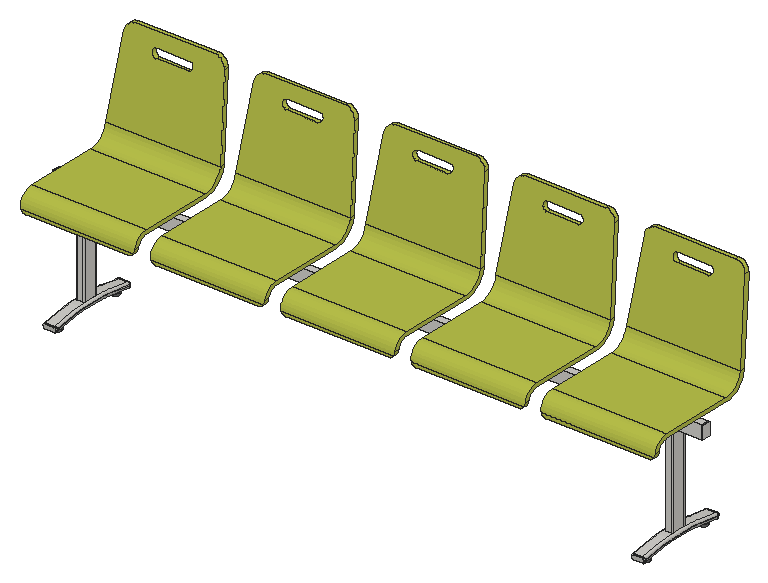
Revit family
Parameters
  Structure = Métal - Peinture grise
  Sièges = Bois - Peinture verte
  PiedSup [instance] = [built-in parameter 1001306] > 2500 mm  # no
  Nombre de sièges [instance] = [built-in parameter 1001306] / 550 mm  # 5
  Nombre de pieds [instance] = if(PiedSup, [built-in parameter 1001306] / 1000 mm, 2)  # 2
  built-in parameter 1001306 [instance] = 2500 mm
  Hauteur = 450 mm
Reference planes
  plane 1 "Centre (avant/arrière)": y = 0
  plane 2: z = 0
  plane 3 "Gauche": x = 0
  plane 4 "Droite": x = 2500
  plane 5: x = 120
  plane 6: x = 250
  plane 7: x = 2380
  plane 8: x = 2250
  plane 9: z = 450
  plane 10: y = 280
Forms (mm)
  Extrusion 1, solid, material "Métal - Peinture grise" <- "Structure"
    sketch origin (0, 0, 0) x (0, 1, 0) y (0, 0, 1)
      loop
        line (-15, 450) -> (-15, 400) -> (15, 400) -> (15, 450) -> (-15, 450)
    from 0 to 2500
  Sweep 2, void
    path in 3D
      loop
        line (2500, -15, 400) -> (2500, 15, 400) -> (2500, 15, 450) -> (2500, -15, 450) -> (2500, -15, 400)
    profile origin (2500, -15, 425) x (1, 0, 0) y (0, 1, 0)
      loop
        line (-5, 3) -> (-5, 0) -> (-4, 0) -> (-4, 3) -> (-5, 3)
  Sweep 3, void
    path in 3D
      loop
        line (0, -15, 450) -> (0, 15, 450) -> (0, 15, 400) -> (0, -15, 400) -> (0, -15, 450)
    profile origin (0, -15, 425) x (0, 1, 0) y (-1, 0, 0)
      loop
        line (0, -5) -> (3, -5) -> (3, -4) -> (0, -4) -> (0, -5)
Cuts and joins
  Sweep 2, Sweep 3 cuts Extrusion 1
Lines and regions (mm)
  reference lines
    curve 1: line (0, 0, 0) -> (2500, 0, 0)
  sketch lines
    curve 2: line (2500, -15, 450) -> (2500, -15, 400)
    curve 3: line (2500, 15, 450) -> (2500, -15, 450)
    curve 4: line (2500, 15, 400) -> (2500, 15, 450)
    curve 5: line (2500, -15, 400) -> (2500, 15, 400)
    curve 6: line (0, -15, 400) -> (0, -15, 450)
    curve 7: line (0, -15, 450) -> (0, 15, 450)
    curve 8: line (0, 15, 450) -> (0, 15, 400)
    curve 9: line (0, 15, 400) -> (0, -15, 400)
Dimensions and locks
  "built-in parameter 1001306": plane 3 "Gauche" to plane 4 "Droite"
  locked: plane 3 "Gauche" to plane 5 at 120
  locked: plane 3 "Gauche" to plane 6 at 250
  locked: plane 8 to plane 4 "Droite" at 250
  locked: plane 7 to plane 4 "Droite" at 120
  "Hauteur": plane 9 to level
  group 1 to group 2 = 2260 mm
  group 1 to group 2 = 0 mm  (x2)
  locked: plane 9 to Extrusion 1 sketch curve at 50
  equal spacing: Extrusion 1 sketch curve, plane 1 "Centre (avant/arrière)", Extrusion 1 sketch curve
  locked: plane 1 "Centre (avant/arrière)" to Extrusion 1 sketch curve at 15
  equal spacing: group 3, group 5, group 6, group 7, group 4  (x3)
  locked: Sweep 2 sketch curve to plane 4 "Droite" at 4
  locked: Sweep 2 sketch curve to Sweep 2 sketch curve at 1
  locked: Sweep 2 sketch curve to plane 1 "Centre (avant/arrière)" at 12
  locked: plane 3 "Gauche" to Sweep 3 sketch curve at 4
  locked: Sweep 3 sketch curve to Sweep 3 sketch curve at 1
  locked: Sweep 3 sketch curve to plane 1 "Centre (avant/arrière)" at 12
  locked: plane 1 "Centre (avant/arrière)" to plane 10 at 280
  aligned and locked: plane 4 "Droite" to curve 1
  aligned and locked: plane 1 "Centre (avant/arrière)" to curve 1
  aligned and locked: plane 3 "Gauche" to curve 1
  aligned and locked: plane 1 "Centre (avant/arrière)" to nested 1
  aligned and locked: plane 1 "Centre (avant/arrière)" to nested 2
  aligned and locked: plane 5 to nested 1
  aligned and locked: plane 7 to nested 2
  aligned and locked: Extrusion 1 sketch curve to plane 9
  aligned and locked: plane 4 "Droite" to Extrusion 1
  aligned and locked: plane 6 to nested 3
  aligned and locked: nested 3 to plane 1 "Centre (avant/arrière)"
  aligned and locked: plane 9 to nested 3
  aligned and locked: plane 9 to nested 4
  aligned and locked: nested 4 to plane 1 "Centre (avant/arrière)"
  aligned and locked: plane 8 to nested 4
  aligned and locked: Sweep 3 sketch curve to profile plane
  aligned and locked: Sweep 2 sketch curve to profile plane
Nested families
  nested 1: "Pied" at (120, 17.585, 0), type "Pied"
  nested 2: "Pied" at (2380, 17.585, 0), type "Pied"
  nested 3: "Chaise" at (250, 200, 12.5), built-in parameter 1001364 <- "Hauteur", type "Chaise"
  nested 4: "Chaise" at (2250, 200, 12.5), built-in parameter 1001364 <- "Hauteur", type "Chaise"
  nested 5: "Chaise" at (750, 200, 12.5), built-in parameter 1001364 <- "Hauteur", type "Chaise"
  nested 6: "Chaise" at (1250, 200, 12.5), built-in parameter 1001364 <- "Hauteur", type "Chaise"
  nested 7: "Chaise" at (1750, 200, 12.5), built-in parameter 1001364 <- "Hauteur", type "Chaise"
Definition of nested family "Pied"
  Parameters (values of type "Pied")
    Hauteur = 450 mm
    Finition = Métal - Peinture grise
    Assembly Code = ""
  Reference planes
    plane 1 "Centre (avant/arrière)": y = -17.585
    plane 2: z = 0
    plane 3 "Centre (gauche/droite)": x = 0
    plane 4 "H": z = 450
    plane 5: z = 30
    plane 6: z = 10
    plane 7: y = -192.585
    plane 8: y = 157.415
  Forms (mm)
    Sweep 1, solid, material "Métal - Peinture grise" <- "Finition"
      path origin (0, 0, 0) x (0, 1, 0) y (0, 0, 1)
        loop
          arc (-192.585, 10) -> (-17.585, 30) -> (157.415, 10) r 775.625
      profile origin (0, -17.585, 30) x (0, 0, 1) y (1, 0, 0)
        loop
          arc (0, -17) -> (2.343, -22.657) -> (8, -25) r 8
          line (8, -25) -> (12, -25)
          arc (12, -25) -> (17.657, -22.657) -> (20, -17) r 8
          line (20, -17) -> (20, 17)
          arc (20, 17) -> (17.657, 22.657) -> (12, 25) r 8
          line (12, 25) -> (8, 25)
          arc (8, 25) -> (2.343, 22.657) -> (0, 17) r 8
          line (0, 17) -> (0, -17)
    Sweep 2, void
      path in 3D
        loop
          arc (17, -192.585, 10) -> (22.657, -193.114, 12.283) -> (25, -194.39, 17.794) r 8
          line (25, -194.39, 17.794) -> (25, -195.293, 21.691)
          arc (25, -195.293, 21.691) -> (22.657, -196.569, 27.202) -> (17, -197.098, 29.484) r 8
          line (17, -197.098, 29.484) -> (-17, -197.098, 29.484)
          arc (-17, -197.098, 29.484) -> (-22.657, -196.569, 27.202) -> (-25, -195.293, 21.691) r 8
          line (-25, -195.293, 21.691) -> (-25, -194.39, 17.794)
          arc (-25, -194.39, 17.794) -> (-22.657, -193.114, 12.283) -> (-17, -192.585, 10) r 8
          line (-17, -192.585, 10) -> (17, -192.585, 10)
      profile origin (0, -192.585, 10) x (0, -0.225624, 0.974214) y (0, -0.974214, -0.225624)
        loop
          line (0.976, -4.493) -> (0.976, -3.496) -> (-1.1, -3.496) -> (-1.1, -4.493) -> (0.976, -4.493)
    Sweep 3, void
      path in 3D
        loop
          arc (17, 161.927, 29.484) -> (22.657, 161.399, 27.202) -> (25, 160.122, 21.691) r 8
          line (25, 160.122, 21.691) -> (25, 159.22, 17.794)
          arc (25, 159.22, 17.794) -> (22.657, 157.943, 12.283) -> (17, 157.415, 10) r 8
          line (17, 157.415, 10) -> (-17, 157.415, 10)
          arc (-17, 157.415, 10) -> (-22.657, 157.943, 12.283) -> (-25, 159.22, 17.794) r 8
          line (-25, 159.22, 17.794) -> (-25, 160.122, 21.691)
          arc (-25, 160.122, 21.691) -> (-22.657, 161.399, 27.202) -> (-17, 161.927, 29.484) r 8
          line (-17, 161.927, 29.484) -> (17, 161.927, 29.484)
      profile origin (0, 161.927, 29.484) x (0, -0.225624, -0.974214) y (0, 0.974214, -0.225624)
        loop
          line (-1.216, -3.5) -> (-1.216, -4.5) -> (1, -4.5) -> (1, -3.5) -> (-1.216, -3.5)
    Extrusion 4, solid, material "Métal - Peinture grise" <- "Finition"
      sketch origin (0, 0, 30) x (0, -1, 0) y (1, 0, 0)
        loop
          arc (-12.415, -9.994) -> (-10.95, -13.529) -> (-7.415, -14.994) r 5
          line (-7.415, -14.994) -> (42.585, -14.994)
          arc (42.585, -14.994) -> (46.121, -13.529) -> (47.585, -9.994) r 5
          line (47.585, -9.994) -> (47.585, 9.994)
          arc (47.585, 9.994) -> (46.121, 13.529) -> (42.585, 14.994) r 5
          line (42.585, 14.994) -> (-7.415, 14.994)
          arc (-7.415, 14.994) -> (-10.95, 13.529) -> (-12.415, 9.994) r 5
          line (-12.415, 9.994) -> (-12.415, -9.994)
      from 10 to 420
    Extrusion 5, void
      sketch origin (0, -405.739, 450) x (1, 0, 0) y (0, -1, 0)
        loop
          line (-14.994, -373.154) -> (-14.994, -403.154) -> (14.994, -403.154) -> (14.994, -373.154) -> (-14.994, -373.154)
      from 0 to 50
    Extrusion 6, solid, material "Métal - Peinture grise" <- "Finition"
      sketch origin (0, 0, 0) x (1, 0, 0) y (0, 1, 0)
        loop
          circle (0, -157.585) r 10
        loop
          circle (0, 122.415) r 10
      from 5 to 30
    Extrusion 7, solid, material "Métal - Peinture noire"
      sketch origin (0, 0, 0) x (1, 0, 0) y (0, 1, 0)
        loop
          circle (0, 122.415) r 15
        loop
          circle (0, -157.585) r 15
      from 0 to 5
  Cuts and joins
    Sweep 2, Sweep 3, Extrusion 5 cuts Sweep 1
    Extrusion 5 cuts Extrusion 4
    joined: Sweep 1, Extrusion 4, Extrusion 6
  Lines and regions (mm)
    sketch lines
      curve 1: line (-17, -192.585, 10) -> (17, -192.585, 10)
      curve 2: arc (-17, -192.585, 10) -> (-22.657, -193.114, 12.283) -> (-25, -194.39, 17.794) r 8
      curve 3: line (-25, -195.293, 21.691) -> (-25, -194.39, 17.794)
      curve 4: arc (-25, -195.293, 21.691) -> (-22.657, -196.569, 27.202) -> (-17, -197.098, 29.484) r 8
      curve 5: line (17, -197.098, 29.484) -> (-17, -197.098, 29.484)
      curve 6: arc (17, -197.098, 29.484) -> (22.657, -196.569, 27.202) -> (25, -195.293, 21.691) r 8
      curve 7: line (25, -194.39, 17.794) -> (25, -195.293, 21.691)
      curve 8: arc (25, -194.39, 17.794) -> (22.657, -193.114, 12.283) -> (17, -192.585, 10) r 8
      curve 9: line (-17, 161.927, 29.484) -> (17, 161.927, 29.484)
      curve 10: arc (-17, 161.927, 29.484) -> (-22.657, 161.399, 27.202) -> (-25, 160.122, 21.691) r 8
      curve 11: line (-25, 159.22, 17.794) -> (-25, 160.122, 21.691)
      curve 12: arc (-25, 159.22, 17.794) -> (-22.657, 157.943, 12.283) -> (-17, 157.415, 10) r 8
      curve 13: line (17, 157.415, 10) -> (-17, 157.415, 10)
      curve 14: arc (17, 157.415, 10) -> (22.657, 157.943, 12.283) -> (25, 159.22, 17.794) r 8
      curve 15: line (25, 160.122, 21.691) -> (25, 159.22, 17.794)
      curve 16: arc (25, 160.122, 21.691) -> (22.657, 161.399, 27.202) -> (17, 161.927, 29.484) r 8
  Dimensions and locks
    "Hauteur": plane 4 "H" to level
    equal spacing: plane 7, plane 1 "Centre (avant/arrière)", plane 8
    locked: plane 7 to plane 1 "Centre (avant/arrière)" at 175
    equal spacing: Sweep 1 sketch curve, plane 3 "Centre (gauche/droite)", Sweep 1 sketch curve
    locked: Sweep 1 sketch curve to plane 3 "Centre (gauche/droite)" at 25
    locked: Sweep 1 sketch curve to plane 5 at 20
    equal spacing: Extrusion 4 sketch curve, plane 1 "Centre (avant/arrière)", Extrusion 4 sketch curve
    equal spacing: Extrusion 4 sketch curve, plane 3 "Centre (gauche/droite)", Extrusion 4 sketch curve
    equal spacing: Extrusion 5 sketch curve, plane 1 "Centre (avant/arrière)", Extrusion 5 sketch curve
    locked: plane 1 "Centre (avant/arrière)" to Extrusion 5 sketch curve at 15
    aligned and locked: plane 8 to Sweep 1 sketch curve
    aligned and locked: plane 4 "H" to Extrusion 4
    aligned and locked: cut or joined group of Sweep 1, Sweep 2, Sweep 3, Extrusion 4, Extrusion 5, Extrusion 6 to Extrusion 5 sketch curve  (x2)
    aligned and locked: plane 5 to Extrusion 6
  Automatic sketch dimensions
    Sweep 1 sketch curve to plane 6 = 0 mm  (x2)
    Sweep 1 sketch curve to plane 7 = 0 mm
    Sweep 1 sketch curve to level = 745.625 mm
    Sweep 1 sketch curve to profile plane = 0 mm
    Sweep 1 sketch curve to profile plane = 8 mm
    Sweep 1 sketch curve to Sweep 1 sketch curve = 4 mm  (x2)
    Sweep 1 sketch curve to Sweep 1 sketch curve = 0 mm
    profile plane to Sweep 2 sketch curve = 1.1 mm
    Sweep 2 sketch curve to profile plane = 0.976 mm
    Sweep 2 sketch curve to profile plane = 4.493 mm
    Sweep 2 sketch curve to Sweep 2 sketch curve = 0.997 mm
    profile plane to Sweep 3 sketch curve = 1.216 mm
    Sweep 3 sketch curve to profile plane = 1 mm
    Sweep 3 sketch curve to profile plane = 4.5 mm
    Sweep 3 sketch curve to Sweep 3 sketch curve = 1 mm
    Extrusion 4 sketch curve to Extrusion 4 sketch curve = 5 mm  (x4)
    Extrusion 4 sketch curve to plane 1 "Centre (avant/arrière)" = 30 mm
    Extrusion 4 sketch curve to plane 3 "Centre (gauche/droite)" = 14.994 mm
    Extrusion 6 sketch curve to plane 3 "Centre (gauche/droite)" = 0 mm  (x2)
    Extrusion 6 sketch curve to plane 8 = 35 mm
    plane 7 to Extrusion 6 sketch curve = 35 mm
    Extrusion 7 sketch curve to plane 3 "Centre (gauche/droite)" = 0 mm  (x2)
    plane 7 to Extrusion 7 sketch curve = 35 mm
    Extrusion 7 sketch curve to plane 8 = 35 mm
    radius of Extrusion 6 sketch curve = 10 mm  (x2)
    radius of Extrusion 7 sketch curve = 15 mm  (x2)
Definition of nested family "Chaise"
  Parameters (values of type "Chaise")
    Finition = Bois - Peinture verte
    Assembly Code = ""
  Reference planes
    plane 1 "Centre (avant/arrière)": y = 0
    plane 2: z = 0
    plane 3 "Centre (gauche/droite)": x = 0
    plane 4 "01": z = 442.5
    plane 5: z = 857.5
    plane 6: y = -200
    plane 7: z = 437.5
  Forms (mm)
    Sweep 1, solid, material "Bois - Peinture verte" <- "Finition"
      path origin (0, 0, 0) x (0, 1, 0) y (0, 0, 1)
        loop
          line (71.853, 857.5) -> (11.657, 516.108)
          arc (11.657, 516.108) -> (-15.705, 468.716) -> (-67.128, 450) r 80
          line (-67.128, 450) -> (-350, 450)
          arc (-350, 450) -> (-385.355, 435.355) -> (-400, 400) r 50
          line (-400, 400) -> (-400, 384.864)
      profile origin (0, 41.755, 686.804) x (0, 0.984808, -0.173648) y (1, 0, 0)
        loop
          line (-7.5, -220) -> (7.5, -220) -> (7.5, 220) -> (-7.5, 220) -> (-7.5, -220)
    Extrusion 2, void
      sketch origin (0, 0, 0) x (1, 0, 0) y (0, 0, 1)
        loop
          line (-235, 866.198) -> (-235, 374.816) -> (235, 374.816) -> (235, 866.198) -> (-235, 866.198)
        loop
          arc (-220, 412.364) -> (-212.678, 394.686) -> (-195, 387.364) r 25
          line (-195, 387.364) -> (195, 387.364)
          arc (195, 387.364) -> (212.678, 394.686) -> (220, 412.364) r 25
          line (220, 412.364) -> (220, 517.411) -> (193.555, 819.684)
          arc (193.555, 819.684) -> (180.73, 845.689) -> (153.707, 856.198) r 40
          line (153.707, 856.198) -> (-153.707, 856.198)
          arc (-153.707, 856.198) -> (-180.73, 845.689) -> (-193.555, 819.684) r 40
          line (-193.555, 819.684) -> (-220, 517.411) -> (-220, 412.364)
        loop
          arc (-60, 806.198) -> (-77.5, 788.698) -> (-60, 771.198) r 17.5
          line (-60, 771.198) -> (60, 771.198)
          arc (60, 771.198) -> (77.5, 788.698) -> (60, 806.198) r 17.5
          line (60, 806.198) -> (-60, 806.198)
      from -125.716 to 432.463
    Extrusion 3, solid, material "Métal - Peinture grise"
      sketch origin (0, 0, 0) x (0, 1, 0) y (0, 0, 1)
        loop
          line (-220, 412.5) -> (-215, 412.5) -> (-215, 437.5) -> (-185, 437.5) -> (-185, 412.5) -> (-180, 412.5) -> (-180, 442.5) -> (-220, 442.5) -> (-220, 412.5)
      from -50 to 50
  Cuts and joins
    Extrusion 2 cuts Sweep 1
  Lines and regions (mm)
    reference lines
      curve 1: line (0, 0, 450) -> (0, 88.163, 950)
  Dimensions and locks
    equal spacing: Sweep 1 sketch curve, plane 3 "Centre (gauche/droite)", Sweep 1 sketch curve
    equal spacing: Sweep 1 sketch curve, profile plane, Sweep 1 sketch curve
    aligned and locked: Extrusion 3 sketch curve to Extrusion 3 sketch curve
